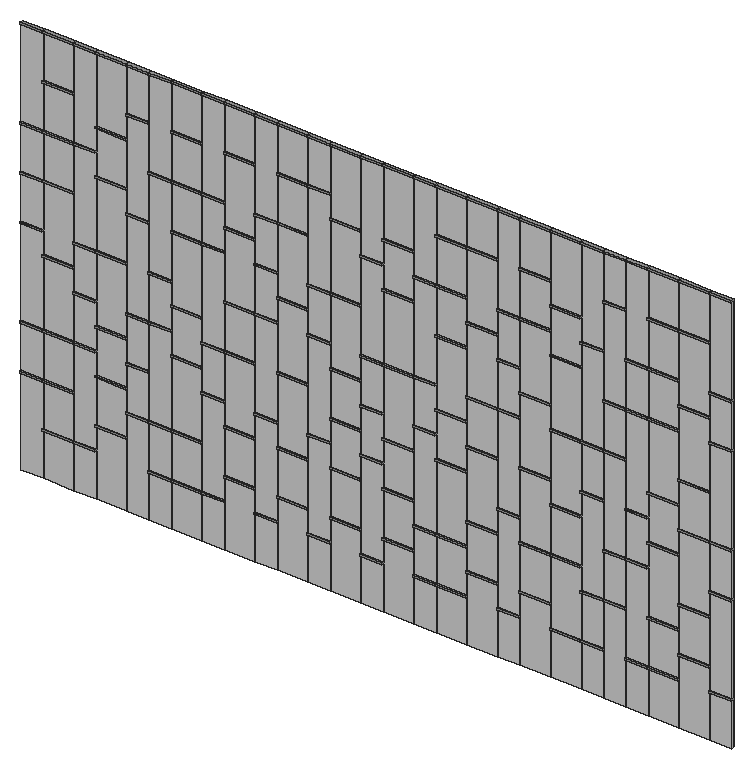
Revit family "SUR-FLD-023_GRUPPO_RFA", category Modelos genéricos, Revit 2022 (continued)
Forms (in)
  Extrusion 461, solid
    from 41.05559 to 41.52812
  Extrusion 462, solid
    sketch origin (105.75104, -0.47244, -5.99982) x (1, 0, 0) y (0, 1, 0)
      loop
        line (6, 0) -> (6, -0.11811) -> (14.25008, -0.11811) -> (14.25008, 0) -> (6, 0)
    from 30.00019 to 47.5277
  Extrusion 463, solid
    sketch origin (105.75104, -0.23622, -11.9998) x (1, 0, 0) y (0, 1, 0)
      loop
        line (6, 0) -> (6, -0.23622) -> (14.25008, -0.23622) -> (14.25008, 0) -> (6, 0)
    from 36.00017 to 53.52769
  Extrusion 464, solid
    sketch origin (105.75104, 0, -11.9998) x (1, 0, 0) y (0, 1, 0)
      loop
        line (6, 0) -> (6, -0.23622) -> (14.25008, -0.23622) -> (14.25008, 0) -> (6, 0)
    from 36.00017 to 53.52769
  Extrusion 465, solid
    sketch origin (105.75104, -0.23622, 30.47199) x (1, 0, 0) y (0, 1, 0)
      loop
        line (6, 0.23622) -> (6, -0.76378) -> (14.25008, -0.76378) -> (14.25008, 0.23622) -> (6, 0.23622)
    from 41.05559 to 41.52812
  Extrusion 466, solid
    sketch origin (105.75104, -0.47244, 23.99988) x (1, 0, 0) y (0, 1, 0)
      loop
        line (6, 0) -> (6, -0.11811) -> (14.25008, -0.11811) -> (14.25008, 0) -> (6, 0)
    from 30.00019 to 47.5277
  Extrusion 467, solid
    sketch origin (105.75104, -0.23622, 17.9999) x (1, 0, 0) y (0, 1, 0)
      loop
        line (6, 0) -> (6, -0.23622) -> (14.25008, -0.23622) -> (14.25008, 0) -> (6, 0)
    from 36.00017 to 53.52769
  Extrusion 468, solid
    sketch origin (105.75104, 0, 17.9999) x (1, 0, 0) y (0, 1, 0)
      loop
        line (6, 0) -> (6, -0.23622) -> (14.25008, -0.23622) -> (14.25008, 0) -> (6, 0)
    from 36.00017 to 53.52769
  Extrusion 469, solid
    sketch origin (114.00111, -0.23622, -23.52814) x (1, 0, 0) y (0, 1, 0)
      loop
        line (6, 0.23622) -> (6, -0.76378) -> (14.25008, -0.76378) -> (14.25008, 0.23622) -> (6, 0.23622)
    from 41.05559 to 41.52812
  Extrusion 470, solid
    sketch origin (114.00111, -0.47244, -30.00025) x (1, 0, 0) y (0, 1, 0)
      loop
        line (6, 0) -> (6, -0.11811) -> (14.25008, -0.11811) -> (14.25008, 0) -> (6, 0)
    from 30.00019 to 47.5277
  Extrusion 471, solid
    sketch origin (114.00111, -0.23622, -36.00023) x (1, 0, 0) y (0, 1, 0)
      loop
        line (6, 0) -> (6, -0.23622) -> (14.25008, -0.23622) -> (14.25008, 0) -> (6, 0)
    from 36.00017 to 53.52769
  Extrusion 472, solid
    sketch origin (114.00111, 0, -36.00023) x (1, 0, 0) y (0, 1, 0)
      loop
        line (6, 0) -> (6, -0.23622) -> (14.25008, -0.23622) -> (14.25008, 0) -> (6, 0)
    from 36.00017 to 53.52769
  Extrusion 473, solid
    sketch origin (114.00111, -0.23622, 6.47156) x (1, 0, 0) y (0, 1, 0)
      loop
        line (6, 0.23622) -> (6, -0.76378) -> (14.25008, -0.76378) -> (14.25008, 0.23622) -> (6, 0.23622)
    from 41.05559 to 41.52812
  Extrusion 474, solid
    sketch origin (114.00111, -0.47244, -0.00055) x (1, 0, 0) y (0, 1, 0)
      loop
        line (6, 0) -> (6, -0.11811) -> (14.25008, -0.11811) -> (14.25008, 0) -> (6, 0)
    from 30.00019 to 47.5277
  Extrusion 475, solid
    sketch origin (114.00111, -0.23622, -6.00053) x (1, 0, 0) y (0, 1, 0)
      loop
        line (6, 0) -> (6, -0.23622) -> (14.25008, -0.23622) -> (14.25008, 0) -> (6, 0)
    from 36.00017 to 53.52769
  Extrusion 476, solid
    sketch origin (114.00111, 0, -6.00053) x (1, 0, 0) y (0, 1, 0)
      loop
        line (6, 0) -> (6, -0.23622) -> (14.25008, -0.23622) -> (14.25008, 0) -> (6, 0)
    from 36.00017 to 53.52769
  Extrusion 477, solid
    sketch origin (114.00111, -0.23622, 36.47126) x (1, 0, 0) y (0, 1, 0)
      loop
        line (6, 0.23622) -> (6, -0.76378) -> (14.25008, -0.76378) -> (14.25008, 0.23622) -> (6, 0.23622)
    from 41.05559 to 41.52812
  Extrusion 478, solid
    sketch origin (114.00111, -0.47244, 29.99915) x (1, 0, 0) y (0, 1, 0)
      loop
        line (6, 0) -> (6, -0.11811) -> (14.25008, -0.11811) -> (14.25008, 0) -> (6, 0)
    from 30.00019 to 47.5277
  Extrusion 479, solid
    sketch origin (114.00111, -0.23622, 23.99916) x (1, 0, 0) y (0, 1, 0)
      loop
        line (6, 0) -> (6, -0.23622) -> (14.25008, -0.23622) -> (14.25008, 0) -> (6, 0)
    from 36.00017 to 53.52769
  Extrusion 480, solid
    sketch origin (114.00111, 0, 23.99916) x (1, 0, 0) y (0, 1, 0)
      loop
        line (6, 0) -> (6, -0.23622) -> (14.25008, -0.23622) -> (14.25008, 0) -> (6, 0)
    from 36.00017 to 53.52769
  Extrusion 481, solid
    sketch origin (114.00111, -0.23622, 54.4713) x (1, 0, 0) y (0, 1, 0)
      loop
        line (6, 0.23622) -> (6, -0.76378) -> (14.25008, -0.76378) -> (14.25008, 0.23622) -> (6, 0.23622)
    from 41.05559 to 41.52812
  Extrusion 482, solid
    sketch origin (114.00111, -0.47244, 47.99919) x (1, 0, 0) y (0, 1, 0)
      loop
        line (6, 0) -> (6, -0.11811) -> (14.25008, -0.11811) -> (14.25008, 0) -> (6, 0)
    from 30.00019 to 47.5277
  Extrusion 483, solid
    sketch origin (114.00111, -0.23622, 41.99921) x (1, 0, 0) y (0, 1, 0)
      loop
        line (6, 0) -> (6, -0.23622) -> (14.25008, -0.23622) -> (14.25008, 0) -> (6, 0)
    from 36.00017 to 53.52769
  Extrusion 484, solid
    sketch origin (114.00111, 0, 41.99921) x (1, 0, 0) y (0, 1, 0)
      loop
        line (6, 0) -> (6, -0.23622) -> (14.25008, -0.23622) -> (14.25008, 0) -> (6, 0)
    from 36.00017 to 53.52769
  Extrusion 485, solid
    sketch origin (114.00111, -0.47244, 29.99926) x (1, 0, 0) y (0, 1, 0)
      loop
        line (6, 0) -> (6, -0.11811) -> (14.25008, -0.11811) -> (14.25008, 0) -> (6, 0)
    from 18.00042 to 29.52798
  Extrusion 486, solid
    sketch origin (114.00111, -0.23622, 23.99928) x (1, 0, 0) y (0, 1, 0)
      loop
        line (6, 0) -> (6, -0.23622) -> (14.25008, -0.23622) -> (14.25008, 0) -> (6, 0)
    from 24.0004 to 35.52797
  Extrusion 487, solid
    sketch origin (114.00111, 0, 23.99928) x (1, 0, 0) y (0, 1, 0)
      loop
        line (6, 0) -> (6, -0.23622) -> (14.25008, -0.23622) -> (14.25008, 0) -> (6, 0)
    from 24.0004 to 35.52797
  Extrusion 488, solid
    sketch origin (114.00111, -0.23622, 36.47138) x (1, 0, 0) y (0, 1, 0)
      loop
        line (6, 0.23622) -> (6, -0.76378) -> (14.25008, -0.76378) -> (14.25008, 0.23622) -> (6, 0.23622)
    from 23.05588 to 23.52796
  Extrusion 489, solid
    sketch origin (114.00111, -0.47244, -0.00043) x (1, 0, 0) y (0, 1, 0)
      loop
        line (6, 0) -> (6, -0.11811) -> (14.25008, -0.11811) -> (14.25008, 0) -> (6, 0)
    from 18.00042 to 29.52798
  Extrusion 490, solid
    sketch origin (114.00111, -0.23622, -6.00041) x (1, 0, 0) y (0, 1, 0)
      loop
        line (6, 0) -> (6, -0.23622) -> (14.25008, -0.23622) -> (14.25008, 0) -> (6, 0)
    from 24.0004 to 35.52797
  Extrusion 491, solid
    sketch origin (114.00111, 0, -6.00041) x (1, 0, 0) y (0, 1, 0)
      loop
        line (6, 0) -> (6, -0.23622) -> (14.25008, -0.23622) -> (14.25008, 0) -> (6, 0)
    from 24.0004 to 35.52797
  Extrusion 492, solid
    sketch origin (114.00111, -0.23622, 6.47168) x (1, 0, 0) y (0, 1, 0)
      loop
        line (6, 0.23622) -> (6, -0.76378) -> (14.25008, -0.76378) -> (14.25008, 0.23622) -> (6, 0.23622)
    from 23.05588 to 23.52796
  Extrusion 493, solid
    sketch origin (114.00111, -0.47244, 77.99901) x (1, 0, 0) y (0, 1, 0)
      loop
        line (6, 0) -> (6, -0.11811) -> (14.25008, -0.11811) -> (14.25008, 0) -> (6, 0)
    from 18.00042 to 29.52798
  Extrusion 494, solid
    sketch origin (114.00111, -0.23622, 71.99903) x (1, 0, 0) y (0, 1, 0)
      loop
        line (6, 0) -> (6, -0.23622) -> (14.25008, -0.23622) -> (14.25008, 0) -> (6, 0)
    from 24.0004 to 35.52797
  Extrusion 495, solid
    sketch origin (114.00111, 0, 71.99903) x (1, 0, 0) y (0, 1, 0)
      loop
        line (6, 0) -> (6, -0.23622) -> (14.25008, -0.23622) -> (14.25008, 0) -> (6, 0)
    from 24.0004 to 35.52797
  Extrusion 496, solid
    sketch origin (114.00111, -0.23622, 84.47112) x (1, 0, 0) y (0, 1, 0)
      loop
        line (6, 0.23622) -> (6, -0.76378) -> (14.25008, -0.76378) -> (14.25008, 0.23622) -> (6, 0.23622)
    from 23.05588 to 23.52796
  Extrusion 497, solid
    sketch origin (128.25119, 0, -24.0004) x (1, 0, 0) y (0, 1, 0)
      loop
        line (0, 0) -> (0, -0.23622) -> (6.00006, -0.23622) -> (6.00006, 0) -> (0, 0)
    from 24.0004 to 35.52797
  Extrusion 498, solid
    sketch origin (128.25119, -0.23622, -24.0004) x (1, 0, 0) y (0, 1, 0)
      loop
        line (0, 0) -> (0, -0.23622) -> (6.00006, -0.23622) -> (6.00006, 0) -> (0, 0)
    from 24.0004 to 35.52797
  Extrusion 499, solid
    sketch origin (128.25119, -0.23622, -11.5283) x (1, 0, 0) y (0, 1, 0)
      loop
        line (0, 0.23622) -> (0, -0.76378) -> (6.00006, -0.76378) -> (6.00006, 0.23622) -> (0, 0.23622)
    from 23.05588 to 23.52796
  Extrusion 500, solid
    sketch origin (128.25119, -0.47244, -18.00042) x (1, 0, 0) y (0, 1, 0)
      loop
        line (0, 0) -> (0, -0.11811) -> (6.00006, -0.11811) -> (6.00006, 0) -> (0, 0)
    from 18.00042 to 29.52798
  Extrusion 501, solid
    sketch origin (128.25119, 0, 11.99965) x (1, 0, 0) y (0, 1, 0)
      loop
        line (0, 0) -> (0, -0.23622) -> (6.00006, -0.23622) -> (6.00006, 0) -> (0, 0)
    from 0 to 23.52796
  Extrusion 502, solid
    sketch origin (128.25119, -0.23622, 11.99965) x (1, 0, 0) y (0, 1, 0)
      loop
        line (0, 0) -> (0, -0.23622) -> (6.00006, -0.23622) -> (6.00006, 0) -> (0, 0)
    from 0 to 23.52796
  Extrusion 503, solid
    sketch origin (128.25119, -0.47244, 11.99965) x (1, 0, 0) y (0, 1, 0)
      loop
        line (0, 0) -> (0, -0.11811) -> (6.00006, -0.11811) -> (6.00006, 0) -> (0, 0)
    from 0 to 23.52796
  Extrusion 504, solid
    sketch origin (128.25119, -0.23622, 12.47174) x (1, 0, 0) y (0, 1, 0)
      loop
        line (0, 0.23622) -> (0, -0.76378) -> (6.00006, -0.76378) -> (6.00006, 0.23622) -> (0, 0.23622)
    from 23.05588 to 23.52796
  Extrusion 505, solid
    sketch origin (128.25119, 0, 35.99969) x (1, 0, 0) y (0, 1, 0)
      loop
        line (0, 0) -> (0, -0.23622) -> (6.00006, -0.23622) -> (6.00006, 0) -> (0, 0)
    from 0 to 23.52796
  Extrusion 506, solid
    sketch origin (128.25119, -0.23622, 35.99969) x (1, 0, 0) y (0, 1, 0)
      loop
        line (0, 0) -> (0, -0.23622) -> (6.00006, -0.23622) -> (6.00006, 0) -> (0, 0)
    from 0 to 23.52796
  Extrusion 507, solid
    sketch origin (128.25119, -0.47244, 35.99969) x (1, 0, 0) y (0, 1, 0)
      loop
        line (0, 0) -> (0, -0.11811) -> (6.00006, -0.11811) -> (6.00006, 0) -> (0, 0)
    from 0 to 23.52796
  Extrusion 508, solid
    sketch origin (128.25119, -0.23622, 36.47177) x (1, 0, 0) y (0, 1, 0)
      loop
        line (0, 0.23622) -> (0, -0.76378) -> (6.00006, -0.76378) -> (6.00006, 0.23622) -> (0, 0.23622)
    from 23.05588 to 23.52796
  Extrusion 509, solid
    sketch origin (128.25119, 0, 83.99904) x (1, 0, 0) y (0, 1, 0)
      loop
        line (0, 0) -> (0, -0.23622) -> (6.00006, -0.23622) -> (6.00006, 0) -> (0, 0)
    from 0 to 23.52796
  Extrusion 510, solid
    sketch origin (128.25119, -0.23622, 83.99904) x (1, 0, 0) y (0, 1, 0)
      loop
        line (0, 0) -> (0, -0.23622) -> (6.00006, -0.23622) -> (6.00006, 0) -> (0, 0)
    from 0 to 23.52796
  Extrusion 511, solid
    sketch origin (128.25119, -0.47244, 83.99904) x (1, 0, 0) y (0, 1, 0)
      loop
        line (0, 0) -> (0, -0.11811) -> (6.00006, -0.11811) -> (6.00006, 0) -> (0, 0)
    from 0 to 23.52796
  Extrusion 512, solid
    sketch origin (128.25119, -0.23622, 84.47112) x (1, 0, 0) y (0, 1, 0)
      loop
        line (0, 0.23622) -> (0, -0.76378) -> (6.00006, -0.76378) -> (6.00006, 0.23622) -> (0, 0.23622)
    from 23.05588 to 23.52796
  Extrusion 513, solid
    sketch origin (128.25119, 0, 35.99933) x (1, 0, 0) y (0, 1, 0)
      loop
        line (0, 0) -> (0, -0.23622) -> (6.00006, -0.23622) -> (6.00006, 0) -> (0, 0)
    from 24.0004 to 35.52797
  Extrusion 514, solid
    sketch origin (128.25119, -0.23622, 35.99933) x (1, 0, 0) y (0, 1, 0)
      loop
        line (0, 0) -> (0, -0.23622) -> (6.00006, -0.23622) -> (6.00006, 0) -> (0, 0)
    from 24.0004 to 35.52797
  Extrusion 515, solid
    sketch origin (128.25119, -0.23622, 48.47143) x (1, 0, 0) y (0, 1, 0)
      loop
        line (0, 0.23622) -> (0, -0.76378) -> (6.00006, -0.76378) -> (6.00006, 0.23622) -> (0, 0.23622)
    from 23.05588 to 23.52796
  Extrusion 516, solid
    sketch origin (128.25119, -0.47244, 41.99931) x (1, 0, 0) y (0, 1, 0)
      loop
        line (0, 0) -> (0, -0.11811) -> (6.00006, -0.11811) -> (6.00006, 0) -> (0, 0)
    from 18.00042 to 29.52798
  Extrusion 517, solid
    sketch origin (128.25119, 0, 47.99899) x (1, 0, 0) y (0, 1, 0)
      loop
        line (0, 0) -> (0, -0.23622) -> (6.00006, -0.23622) -> (6.00006, 0) -> (0, 0)
    from 24.0004 to 35.52797
  Extrusion 518, solid
    sketch origin (128.25119, -0.23622, 47.99899) x (1, 0, 0) y (0, 1, 0)
      loop
        line (0, 0) -> (0, -0.23622) -> (6.00006, -0.23622) -> (6.00006, 0) -> (0, 0)
    from 24.0004 to 35.52797
  Extrusion 519, solid
    sketch origin (128.25119, -0.23622, 60.47108) x (1, 0, 0) y (0, 1, 0)
      loop
        line (0, 0.23622) -> (0, -0.76378) -> (6.00006, -0.76378) -> (6.00006, 0.23622) -> (0, 0.23622)
    from 23.05588 to 23.52796
  Extrusion 520, solid
    sketch origin (128.25119, -0.47244, 53.99897) x (1, 0, 0) y (0, 1, 0)
      loop
        line (0, 0) -> (0, -0.11811) -> (6.00006, -0.11811) -> (6.00006, 0) -> (0, 0)
    from 18.00042 to 29.52798
  Extrusion 521, solid
    sketch origin (128.25125, -0.47244, -0.00043) x (1, 0, 0) y (0, 1, 0)
      loop
        line (6, 0) -> (6, -0.11811) -> (14.25008, -0.11811) -> (14.25008, 0) -> (6, 0)
    from 18.00042 to 29.52798
  Extrusion 522, solid
    sketch origin (128.25125, -0.23622, -6.00041) x (1, 0, 0) y (0, 1, 0)
      loop
        line (6, 0) -> (6, -0.23622) -> (14.25008, -0.23622) -> (14.25008, 0) -> (6, 0)
    from 24.0004 to 35.52797
  Extrusion 523, solid
    sketch origin (128.25125, 0, -6.00041) x (1, 0, 0) y (0, 1, 0)
      loop
        line (6, 0) -> (6, -0.23622) -> (14.25008, -0.23622) -> (14.25008, 0) -> (6, 0)
    from 24.0004 to 35.52797
  Extrusion 524, solid
    sketch origin (128.25125, -0.23622, 6.47168) x (1, 0, 0) y (0, 1, 0)
      loop
        line (6, 0.23622) -> (6, -0.76378) -> (14.25008, -0.76378) -> (14.25008, 0.23622) -> (6, 0.23622)
    from 23.05588 to 23.52796
  Extrusion 525, solid
    sketch origin (128.25125, -0.47244, 77.99901) x (1, 0, 0) y (0, 1, 0)
      loop
        line (6, 0) -> (6, -0.11811) -> (14.25008, -0.11811) -> (14.25008, 0) -> (6, 0)
    from 18.00042 to 29.52798
  Extrusion 526, solid
    sketch origin (128.25125, -0.23622, 71.99903) x (1, 0, 0) y (0, 1, 0)
      loop
        line (6, 0) -> (6, -0.23622) -> (14.25008, -0.23622) -> (14.25008, 0) -> (6, 0)
    from 24.0004 to 35.52797
  Extrusion 527, solid
    sketch origin (128.25125, 0, 71.99903) x (1, 0, 0) y (0, 1, 0)
      loop
        line (6, 0) -> (6, -0.23622) -> (14.25008, -0.23622) -> (14.25008, 0) -> (6, 0)
    from 24.0004 to 35.52797
  Extrusion 528, solid
    sketch origin (128.25125, -0.23622, 84.47112) x (1, 0, 0) y (0, 1, 0)
      loop
        line (6, 0.23622) -> (6, -0.76378) -> (14.25008, -0.76378) -> (14.25008, 0.23622) -> (6, 0.23622)
    from 23.05588 to 23.52796
  Extrusion 529, solid
    sketch origin (128.25125, -0.47244, 65.99935) x (1, 0, 0) y (0, 1, 0)
      loop
        line (6, 0) -> (6, -0.11811) -> (14.25008, -0.11811) -> (14.25008, 0) -> (6, 0)
    from 18.00042 to 29.52798
  Extrusion 530, solid
    sketch origin (128.25125, -0.23622, 59.99937) x (1, 0, 0) y (0, 1, 0)
      loop
        line (6, 0) -> (6, -0.23622) -> (14.25008, -0.23622) -> (14.25008, 0) -> (6, 0)
    from 24.0004 to 35.52797
  Extrusion 531, solid
    sketch origin (128.25125, 0, 59.99937) x (1, 0, 0) y (0, 1, 0)
      loop
        line (6, 0) -> (6, -0.23622) -> (14.25008, -0.23622) -> (14.25008, 0) -> (6, 0)
    from 24.0004 to 35.52797
  Extrusion 532, solid
    sketch origin (128.25125, -0.23622, 72.47147) x (1, 0, 0) y (0, 1, 0)
      loop
        line (6, 0.23622) -> (6, -0.76378) -> (14.25008, -0.76378) -> (14.25008, 0.23622) -> (6, 0.23622)
    from 23.05588 to 23.52796
  Extrusion 533, solid
    sketch origin (128.25125, -0.23622, 42.47165) x (1, 0, 0) y (0, 1, 0)
      loop
        line (6, 0.23622) -> (6, -0.76378) -> (14.25008, -0.76378) -> (14.25008, 0.23622) -> (6, 0.23622)
    from 41.05559 to 41.52812
  Extrusion 534, solid
    sketch origin (128.25125, -0.47244, 35.99953) x (1, 0, 0) y (0, 1, 0)
      loop
        line (6, 0) -> (6, -0.11811) -> (14.25008, -0.11811) -> (14.25008, 0) -> (6, 0)
    from 30.00019 to 47.5277
  Extrusion 535, solid
    sketch origin (128.25125, -0.23622, 29.99955) x (1, 0, 0) y (0, 1, 0)
      loop
        line (6, 0) -> (6, -0.23622) -> (14.25008, -0.23622) -> (14.25008, 0) -> (6, 0)
    from 36.00017 to 53.52769
  Extrusion 536, solid
    sketch origin (128.25125, 0, 29.99955) x (1, 0, 0) y (0, 1, 0)
      loop
        line (6, 0) -> (6, -0.23622) -> (14.25008, -0.23622) -> (14.25008, 0) -> (6, 0)
    from 36.00017 to 53.52769
  Extrusion 537, solid
    sketch origin (128.25125, -0.23622, 24.47161) x (1, 0, 0) y (0, 1, 0)
      loop
        line (6, 0.23622) -> (6, -0.76378) -> (14.25008, -0.76378) -> (14.25008, 0.23622) -> (6, 0.23622)
    from 41.05559 to 41.52812
  Extrusion 538, solid
    sketch origin (128.25125, -0.47244, 17.99949) x (1, 0, 0) y (0, 1, 0)
      loop
        line (6, 0) -> (6, -0.11811) -> (14.25008, -0.11811) -> (14.25008, 0) -> (6, 0)
    from 30.00019 to 47.5277
  Extrusion 539, solid
    sketch origin (128.25125, -0.23622, 11.99951) x (1, 0, 0) y (0, 1, 0)
      loop
        line (6, 0) -> (6, -0.23622) -> (14.25008, -0.23622) -> (14.25008, 0) -> (6, 0)
    from 36.00017 to 53.52769
  Extrusion 540, solid
    sketch origin (128.25125, 0, 11.99951) x (1, 0, 0) y (0, 1, 0)
      loop
        line (6, 0) -> (6, -0.23622) -> (14.25008, -0.23622) -> (14.25008, 0) -> (6, 0)
    from 36.00017 to 53.52769
  Extrusion 541, solid
    sketch origin (128.25125, -0.23622, 6.47156) x (1, 0, 0) y (0, 1, 0)
      loop
        line (6, 0.23622) -> (6, -0.76378) -> (14.25008, -0.76378) -> (14.25008, 0.23622) -> (6, 0.23622)
    from 41.05559 to 41.52812
  Extrusion 542, solid
    sketch origin (128.25125, -0.47244, -0.00055) x (1, 0, 0) y (0, 1, 0)
      loop
        line (6, 0) -> (6, -0.11811) -> (14.25008, -0.11811) -> (14.25008, 0) -> (6, 0)
    from 30.00019 to 47.5277
  Extrusion 543, solid
    sketch origin (128.25125, -0.23622, -6.00053) x (1, 0, 0) y (0, 1, 0)
      loop
        line (6, 0) -> (6, -0.23622) -> (14.25008, -0.23622) -> (14.25008, 0) -> (6, 0)
    from 36.00017 to 53.52769
  Extrusion 544, solid
    sketch origin (128.25125, 0, -6.00053) x (1, 0, 0) y (0, 1, 0)
      loop
        line (6, 0) -> (6, -0.23622) -> (14.25008, -0.23622) -> (14.25008, 0) -> (6, 0)
    from 36.00017 to 53.52769
  Extrusion 545, solid
    sketch origin (128.25125, -0.23622, -23.52814) x (1, 0, 0) y (0, 1, 0)
      loop
        line (6, 0.23622) -> (6, -0.76378) -> (14.25008, -0.76378) -> (14.25008, 0.23622) -> (6, 0.23622)
    from 41.05559 to 41.52812
  Extrusion 546, solid
    sketch origin (128.25125, -0.47244, -30.00025) x (1, 0, 0) y (0, 1, 0)
      loop
        line (6, 0) -> (6, -0.11811) -> (14.25008, -0.11811) -> (14.25008, 0) -> (6, 0)
    from 30.00019 to 47.5277
  Extrusion 547, solid
    sketch origin (128.25125, -0.23622, -36.00023) x (1, 0, 0) y (0, 1, 0)
      loop
        line (6, 0) -> (6, -0.23622) -> (14.25008, -0.23622) -> (14.25008, 0) -> (6, 0)
    from 36.00017 to 53.52769
  Extrusion 548, solid
    sketch origin (128.25125, 0, -36.00023) x (1, 0, 0) y (0, 1, 0)
      loop
        line (6, 0) -> (6, -0.23622) -> (14.25008, -0.23622) -> (14.25008, 0) -> (6, 0)
    from 36.00017 to 53.52769
  Extrusion 549, solid
    sketch origin (136.50132, -0.23622, 66.47096) x (1, 0, 0) y (0, 1, 0)
      loop
        line (6, 0.23622) -> (6, -0.76378) -> (14.25008, -0.76378) -> (14.25008, 0.23622) -> (6, 0.23622)
    from 41.05559 to 41.52812
  Extrusion 550, solid
    sketch origin (136.50132, -0.47244, 59.99884) x (1, 0, 0) y (0, 1, 0)
      loop
        line (6, 0) -> (6, -0.11811) -> (14.25008, -0.11811) -> (14.25008, 0) -> (6, 0)
    from 30.00019 to 47.5277
  Extrusion 551, solid
    sketch origin (136.50132, -0.23622, 53.99886) x (1, 0, 0) y (0, 1, 0)
      loop
        line (6, 0) -> (6, -0.23622) -> (14.25008, -0.23622) -> (14.25008, 0) -> (6, 0)
    from 36.00017 to 53.52769
  Extrusion 552, solid
    sketch origin (136.50132, 0, 53.99886) x (1, 0, 0) y (0, 1, 0)
      loop
        line (6, 0) -> (6, -0.23622) -> (14.25008, -0.23622) -> (14.25008, 0) -> (6, 0)
    from 36.00017 to 53.52769
  Extrusion 553, solid
    sketch origin (136.50132, -0.23622, 36.47126) x (1, 0, 0) y (0, 1, 0)
      loop
        line (6, 0.23622) -> (6, -0.76378) -> (14.25008, -0.76378) -> (14.25008, 0.23622) -> (6, 0.23622)
    from 41.05559 to 41.52812
  Extrusion 554, solid
    sketch origin (136.50132, -0.47244, 29.99915) x (1, 0, 0) y (0, 1, 0)
      loop
        line (6, 0) -> (6, -0.11811) -> (14.25008, -0.11811) -> (14.25008, 0) -> (6, 0)
    from 30.00019 to 47.5277
  Extrusion 555, solid
    sketch origin (136.50132, -0.23622, 23.99916) x (1, 0, 0) y (0, 1, 0)
      loop
        line (6, 0) -> (6, -0.23622) -> (14.25008, -0.23622) -> (14.25008, 0) -> (6, 0)
    from 36.00017 to 53.52769
  Extrusion 556, solid
    sketch origin (136.50132, 0, 23.99916) x (1, 0, 0) y (0, 1, 0)
      loop
        line (6, 0) -> (6, -0.23622) -> (14.25008, -0.23622) -> (14.25008, 0) -> (6, 0)
    from 36.00017 to 53.52769
  Extrusion 557, solid
    sketch origin (136.50132, -0.23622, 18.47122) x (1, 0, 0) y (0, 1, 0)
      loop
        line (6, 0.23622) -> (6, -0.76378) -> (14.25008, -0.76378) -> (14.25008, 0.23622) -> (6, 0.23622)
    from 41.05559 to 41.52812
  Extrusion 558, solid
    sketch origin (136.50132, -0.47244, 11.9991) x (1, 0, 0) y (0, 1, 0)
      loop
        line (6, 0) -> (6, -0.11811) -> (14.25008, -0.11811) -> (14.25008, 0) -> (6, 0)
    from 30.00019 to 47.5277
  Extrusion 559, solid
    sketch origin (136.50132, -0.23622, 5.99912) x (1, 0, 0) y (0, 1, 0)
      loop
        line (6, 0) -> (6, -0.23622) -> (14.25008, -0.23622) -> (14.25008, 0) -> (6, 0)
    from 36.00017 to 53.52769
  Extrusion 560, solid
    sketch origin (136.50132, 0, 5.99912) x (1, 0, 0) y (0, 1, 0)
      loop
        line (6, 0) -> (6, -0.23622) -> (14.25008, -0.23622) -> (14.25008, 0) -> (6, 0)
    from 36.00017 to 53.52769
  Extrusion 561, solid
    sketch origin (136.50132, -0.23622, -11.52848) x (1, 0, 0) y (0, 1, 0)
      loop
        line (6, 0.23622) -> (6, -0.76378) -> (14.25008, -0.76378) -> (14.25008, 0.23622) -> (6, 0.23622)
    from 41.05559 to 41.52812
  Extrusion 562, solid
    sketch origin (136.50132, -0.47244, -18.0006) x (1, 0, 0) y (0, 1, 0)
      loop
        line (6, 0) -> (6, -0.11811) -> (14.25008, -0.11811) -> (14.25008, 0) -> (6, 0)
    from 30.00019 to 47.5277
  Extrusion 563, solid
    sketch origin (136.50132, -0.23622, -24.00058) x (1, 0, 0) y (0, 1, 0)
      loop
        line (6, 0) -> (6, -0.23622) -> (14.25008, -0.23622) -> (14.25008, 0) -> (6, 0)
    from 36.00017 to 53.52769
  Extrusion 564, solid
    sketch origin (136.50132, 0, -24.00058) x (1, 0, 0) y (0, 1, 0)
      loop
        line (6, 0) -> (6, -0.23622) -> (14.25008, -0.23622) -> (14.25008, 0) -> (6, 0)
    from 36.00017 to 53.52769
  Extrusion 565, solid
    sketch origin (136.50132, -0.47244, 11.99922) x (1, 0, 0) y (0, 1, 0)
      loop
        line (6, 0) -> (6, -0.11811) -> (14.25008, -0.11811) -> (14.25008, 0) -> (6, 0)
    from 18.00042 to 29.52798
  Extrusion 566, solid
    sketch origin (136.50132, -0.23622, 5.99924) x (1, 0, 0) y (0, 1, 0)
      loop
        line (6, 0) -> (6, -0.23622) -> (14.25008, -0.23622) -> (14.25008, 0) -> (6, 0)
    from 24.0004 to 35.52797
  Extrusion 567, solid
    sketch origin (136.50132, 0, 5.99924) x (1, 0, 0) y (0, 1, 0)
      loop
        line (6, 0) -> (6, -0.23622) -> (14.25008, -0.23622) -> (14.25008, 0) -> (6, 0)
    from 24.0004 to 35.52797
  Extrusion 568, solid
    sketch origin (136.50132, -0.23622, 18.47134) x (1, 0, 0) y (0, 1, 0)
      loop
        line (6, 0.23622) -> (6, -0.76378) -> (14.25008, -0.76378) -> (14.25008, 0.23622) -> (6, 0.23622)
    from 23.05588 to 23.52796
  Extrusion 569, solid
    sketch origin (136.50132, -0.47244, -18.00048) x (1, 0, 0) y (0, 1, 0)
      loop
        line (6, 0) -> (6, -0.11811) -> (14.25008, -0.11811) -> (14.25008, 0) -> (6, 0)
    from 18.00042 to 29.52798
  Extrusion 570, solid
    sketch origin (136.50132, -0.23622, -24.00046) x (1, 0, 0) y (0, 1, 0)
      loop
        line (6, 0) -> (6, -0.23622) -> (14.25008, -0.23622) -> (14.25008, 0) -> (6, 0)
    from 24.0004 to 35.52797
  Extrusion 571, solid
    sketch origin (136.50132, 0, -24.00046) x (1, 0, 0) y (0, 1, 0)
      loop
        line (6, 0) -> (6, -0.23622) -> (14.25008, -0.23622) -> (14.25008, 0) -> (6, 0)
    from 24.0004 to 35.52797
  Extrusion 572, solid
    sketch origin (136.50132, -0.23622, -11.52836) x (1, 0, 0) y (0, 1, 0)
      loop
        line (6, 0.23622) -> (6, -0.76378) -> (14.25008, -0.76378) -> (14.25008, 0.23622) -> (6, 0.23622)
    from 23.05588 to 23.52796
  Extrusion 573, solid
    sketch origin (136.50132, -0.47244, 59.99896) x (1, 0, 0) y (0, 1, 0)
      loop
        line (6, 0) -> (6, -0.11811) -> (14.25008, -0.11811) -> (14.25008, 0) -> (6, 0)
    from 18.00042 to 29.52798
  Extrusion 574, solid
    sketch origin (136.50132, -0.23622, 53.99898) x (1, 0, 0) y (0, 1, 0)
      loop
        line (6, 0) -> (6, -0.23622) -> (14.25008, -0.23622) -> (14.25008, 0) -> (6, 0)
    from 24.0004 to 35.52797
  Extrusion 575, solid
    sketch origin (136.50132, 0, 53.99898) x (1, 0, 0) y (0, 1, 0)
      loop
        line (6, 0) -> (6, -0.23622) -> (14.25008, -0.23622) -> (14.25008, 0) -> (6, 0)
    from 24.0004 to 35.52797
  Extrusion 576, solid
    sketch origin (136.50132, -0.23622, 66.47108) x (1, 0, 0) y (0, 1, 0)
      loop
        line (6, 0.23622) -> (6, -0.76378) -> (14.25008, -0.76378) -> (14.25008, 0.23622) -> (6, 0.23622)
    from 23.05588 to 23.52796
  Extrusion 577, solid
    sketch origin (150.7514, 0, -24.0004) x (1, 0, 0) y (0, 1, 0)
      loop
        line (0, 0) -> (0, -0.23622) -> (6.00006, -0.23622) -> (6.00006, 0) -> (0, 0)
    from 24.0004 to 35.52797
  Extrusion 578, solid
    sketch origin (150.7514, -0.23622, -24.0004) x (1, 0, 0) y (0, 1, 0)
      loop
        line (0, 0) -> (0, -0.23622) -> (6.00006, -0.23622) -> (6.00006, 0) -> (0, 0)
    from 24.0004 to 35.52797
  Extrusion 579, solid
    sketch origin (150.7514, -0.23622, -11.5283) x (1, 0, 0) y (0, 1, 0)
      loop
        line (0, 0.23622) -> (0, -0.76378) -> (6.00006, -0.76378) -> (6.00006, 0.23622) -> (0, 0.23622)
    from 23.05588 to 23.52796
  Extrusion 580, solid
    sketch origin (150.7514, -0.47244, -18.00042) x (1, 0, 0) y (0, 1, 0)
      loop
        line (0, 0) -> (0, -0.11811) -> (6.00006, -0.11811) -> (6.00006, 0) -> (0, 0)
    from 18.00042 to 29.52798
  Extrusion 581, solid
    sketch origin (150.7514, 0, -12.00074) x (1, 0, 0) y (0, 1, 0)
      loop
        line (0, 0) -> (0, -0.23622) -> (6.00006, -0.23622) -> (6.00006, 0) -> (0, 0)
    from 24.0004 to 35.52797
  Extrusion 582, solid
    sketch origin (150.7514, -0.23622, -12.00074) x (1, 0, 0) y (0, 1, 0)
      loop
        line (0, 0) -> (0, -0.23622) -> (6.00006, -0.23622) -> (6.00006, 0) -> (0, 0)
    from 24.0004 to 35.52797
  Extrusion 583, solid
    sketch origin (150.7514, -0.23622, 0.47135) x (1, 0, 0) y (0, 1, 0)
      loop
        line (0, 0.23622) -> (0, -0.76378) -> (6.00006, -0.76378) -> (6.00006, 0.23622) -> (0, 0.23622)
    from 23.05588 to 23.52796
  Extrusion 584, solid
    sketch origin (150.7514, -0.47244, -6.00076) x (1, 0, 0) y (0, 1, 0)
      loop
        line (0, 0) -> (0, -0.11811) -> (6.00006, -0.11811) -> (6.00006, 0) -> (0, 0)
    from 18.00042 to 29.52798
  Extrusion 585, solid
    sketch origin (150.7514, 0, 23.99895) x (1, 0, 0) y (0, 1, 0)
      loop
        line (0, 0) -> (0, -0.23622) -> (6.00006, -0.23622) -> (6.00006, 0) -> (0, 0)
    from 24.0004 to 35.52797
  Extrusion 586, solid
    sketch origin (150.7514, -0.23622, 23.99895) x (1, 0, 0) y (0, 1, 0)
      loop
        line (0, 0) -> (0, -0.23622) -> (6.00006, -0.23622) -> (6.00006, 0) -> (0, 0)
    from 24.0004 to 35.52797
  Extrusion 587, solid
    sketch origin (150.7514, -0.23622, 36.47104) x (1, 0, 0) y (0, 1, 0)
      loop
        line (0, 0.23622) -> (0, -0.76378) -> (6.00006, -0.76378) -> (6.00006, 0.23622) -> (0, 0.23622)
    from 23.05588 to 23.52796
  Extrusion 588, solid
    sketch origin (150.7514, -0.47244, 29.99893) x (1, 0, 0) y (0, 1, 0)
      loop
        line (0, 0) -> (0, -0.11811) -> (6.00006, -0.11811) -> (6.00006, 0) -> (0, 0)
    from 18.00042 to 29.52798
  Extrusion 589, solid
    sketch origin (150.7514, 0, 23.99931) x (1, 0, 0) y (0, 1, 0)
      loop
        line (0, 0) -> (0, -0.23622) -> (6.00006, -0.23622) -> (6.00006, 0) -> (0, 0)
    from 0 to 23.52796
  Extrusion 590, solid
    sketch origin (150.7514, -0.23622, 23.99931) x (1, 0, 0) y (0, 1, 0)
      loop
        line (0, 0) -> (0, -0.23622) -> (6.00006, -0.23622) -> (6.00006, 0) -> (0, 0)
    from 0 to 23.52796
  Extrusion 591, solid
    sketch origin (150.7514, -0.47244, 23.99931) x (1, 0, 0) y (0, 1, 0)
      loop
        line (0, 0) -> (0, -0.11811) -> (6.00006, -0.11811) -> (6.00006, 0) -> (0, 0)
    from 0 to 23.52796
  Extrusion 592, solid
    sketch origin (150.7514, -0.23622, 24.47139) x (1, 0, 0) y (0, 1, 0)
      loop
        line (0, 0.23622) -> (0, -0.76378) -> (6.00006, -0.76378) -> (6.00006, 0.23622) -> (0, 0.23622)
    from 23.05588 to 23.52796
  Extrusion 593, solid
    sketch origin (150.7514, 0, 59.999) x (1, 0, 0) y (0, 1, 0)
      loop
        line (0, 0) -> (0, -0.23622) -> (6.00006, -0.23622) -> (6.00006, 0) -> (0, 0)
    from 0 to 23.52796
  Extrusion 594, solid
    sketch origin (150.7514, -0.23622, 59.999) x (1, 0, 0) y (0, 1, 0)
      loop
        line (0, 0) -> (0, -0.23622) -> (6.00006, -0.23622) -> (6.00006, 0) -> (0, 0)
    from 0 to 23.52796
  Extrusion 595, solid
    sketch origin (150.7514, -0.47244, 59.999) x (1, 0, 0) y (0, 1, 0)
      loop
        line (0, 0) -> (0, -0.11811) -> (6.00006, -0.11811) -> (6.00006, 0) -> (0, 0)
    from 0 to 23.52796
  Extrusion 596, solid
    sketch origin (150.7514, -0.23622, 60.47108) x (1, 0, 0) y (0, 1, 0)
      loop
        line (0, 0.23622) -> (0, -0.76378) -> (6.00006, -0.76378) -> (6.00006, 0.23622) -> (0, 0.23622)
    from 23.05588 to 23.52796
  Extrusion 597, solid
    sketch origin (150.7514, 0, 83.99904) x (1, 0, 0) y (0, 1, 0)
      loop
        line (0, 0) -> (0, -0.23622) -> (6.00006, -0.23622) -> (6.00006, 0) -> (0, 0)
    from 0 to 23.52796
  Extrusion 598, solid
    sketch origin (150.7514, -0.23622, 83.99904) x (1, 0, 0) y (0, 1, 0)
      loop
        line (0, 0) -> (0, -0.23622) -> (6.00006, -0.23622) -> (6.00006, 0) -> (0, 0)
    from 0 to 23.52796
  Extrusion 599, solid
    sketch origin (150.7514, -0.47244, 83.99904) x (1, 0, 0) y (0, 1, 0)
      loop
        line (0, 0) -> (0, -0.11811) -> (6.00006, -0.11811) -> (6.00006, 0) -> (0, 0)
    from 0 to 23.52796
  Extrusion 600, solid
    sketch origin (150.7514, -0.23622, 84.47112) x (1, 0, 0) y (0, 1, 0)
      loop
        line (0, 0.23622) -> (0, -0.76378) -> (6.00006, -0.76378) -> (6.00006, 0.23622) -> (0, 0.23622)
    from 23.05588 to 23.52796
  Extrusion 601, solid
    sketch origin (156.75145, 0, 71.99939) x (1, 0, 0) y (0, 1, 0)
      loop
        line (0, 0) -> (0, -0.23622) -> (6.00006, -0.23622) -> (6.00006, 0) -> (0, 0)
    from 0 to 23.52796
  Extrusion 602, solid
    sketch origin (156.75145, -0.23622, 71.99939) x (1, 0, 0) y (0, 1, 0)
      loop
        line (0, 0) -> (0, -0.23622) -> (6.00006, -0.23622) -> (6.00006, 0) -> (0, 0)
    from 0 to 23.52796
  Extrusion 603, solid
    sketch origin (156.75145, -0.47244, 71.99939) x (1, 0, 0) y (0, 1, 0)
      loop
        line (0, 0) -> (0, -0.11811) -> (6.00006, -0.11811) -> (6.00006, 0) -> (0, 0)
    from 0 to 23.52796
  Extrusion 604, solid
    sketch origin (156.75145, -0.23622, 72.47147) x (1, 0, 0) y (0, 1, 0)
      loop
        line (0, 0.23622) -> (0, -0.76378) -> (6.00006, -0.76378) -> (6.00006, 0.23622) -> (0, 0.23622)
    from 23.05588 to 23.52796
  Extrusion 605, solid
    sketch origin (156.75145, 0, 0) x (1, 0, 0) y (0, 1, 0)
      loop
        line (0, 0) -> (0, -0.23622) -> (6.00006, -0.23622) -> (6.00006, 0) -> (0, 0)
    from 0 to 23.52796
  Extrusion 606, solid
    sketch origin (156.75145, -0.23622, 0) x (1, 0, 0) y (0, 1, 0)
      loop
        line (0, 0) -> (0, -0.23622) -> (6.00006, -0.23622) -> (6.00006, 0) -> (0, 0)
    from 0 to 23.52796
  Extrusion 607, solid
    sketch origin (156.75145, -0.47244, 0) x (1, 0, 0) y (0, 1, 0)
      loop
        line (0, 0) -> (0, -0.11811) -> (6.00006, -0.11811) -> (6.00006, 0) -> (0, 0)
    from 0 to 23.52796
  Extrusion 608, solid
    sketch origin (156.75145, -0.23622, 0.47208) x (1, 0, 0) y (0, 1, 0)
      loop
        line (0, 0.23622) -> (0, -0.76378) -> (6.00006, -0.76378) -> (6.00006, 0.23622) -> (0, 0.23622)
    from 23.05588 to 23.52796
  Extrusion 609, solid
    sketch origin (156.75145, 0, -0.00036) x (1, 0, 0) y (0, 1, 0)
      loop
        line (0, 0) -> (0, -0.23622) -> (6.00006, -0.23622) -> (6.00006, 0) -> (0, 0)
    from 24.0004 to 35.52797
  Extrusion 610, solid
    sketch origin (156.75145, -0.23622, -0.00036) x (1, 0, 0) y (0, 1, 0)
      loop
        line (0, 0) -> (0, -0.23622) -> (6.00006, -0.23622) -> (6.00006, 0) -> (0, 0)
    from 24.0004 to 35.52797
  Extrusion 611, solid
    sketch origin (156.75145, -0.23622, 12.47174) x (1, 0, 0) y (0, 1, 0)
      loop
        line (0, 0.23622) -> (0, -0.76378) -> (6.00006, -0.76378) -> (6.00006, 0.23622) -> (0, 0.23622)
    from 23.05588 to 23.52796
  Extrusion 612, solid
    sketch origin (156.75145, -0.47244, 5.99962) x (1, 0, 0) y (0, 1, 0)
      loop
        line (0, 0) -> (0, -0.11811) -> (6.00006, -0.11811) -> (6.00006, 0) -> (0, 0)
    from 18.00042 to 29.52798
  Extrusion 613, solid
    sketch origin (156.75145, 0, 35.99933) x (1, 0, 0) y (0, 1, 0)
      loop
        line (0, 0) -> (0, -0.23622) -> (6.00006, -0.23622) -> (6.00006, 0) -> (0, 0)
    from 24.0004 to 35.52797
  Extrusion 614, solid
    sketch origin (156.75145, -0.23622, 35.99933) x (1, 0, 0) y (0, 1, 0)
      loop
        line (0, 0) -> (0, -0.23622) -> (6.00006, -0.23622) -> (6.00006, 0) -> (0, 0)
    from 24.0004 to 35.52797
  Extrusion 615, solid
    sketch origin (156.75145, -0.23622, 48.47143) x (1, 0, 0) y (0, 1, 0)
      loop
        line (0, 0.23622) -> (0, -0.76378) -> (6.00006, -0.76378) -> (6.00006, 0.23622) -> (0, 0.23622)
    from 23.05588 to 23.52796
  Extrusion 616, solid
    sketch origin (156.75145, -0.47244, 41.99931) x (1, 0, 0) y (0, 1, 0)
      loop
        line (0, 0) -> (0, -0.11811) -> (6.00006, -0.11811) -> (6.00006, 0) -> (0, 0)
    from 18.00042 to 29.52798
  Extrusion 617, solid
    sketch origin (156.75145, 0, 71.99903) x (1, 0, 0) y (0, 1, 0)
      loop
        line (0, 0) -> (0, -0.23622) -> (6.00006, -0.23622) -> (6.00006, 0) -> (0, 0)
    from 24.0004 to 35.52797
  Extrusion 618, solid
    sketch origin (156.75145, -0.23622, 71.99903) x (1, 0, 0) y (0, 1, 0)
      loop
        line (0, 0) -> (0, -0.23622) -> (6.00006, -0.23622) -> (6.00006, 0) -> (0, 0)
    from 24.0004 to 35.52797
  Extrusion 619, solid
    sketch origin (156.75145, -0.23622, 84.47112) x (1, 0, 0) y (0, 1, 0)
      loop
        line (0, 0.23622) -> (0, -0.76378) -> (6.00006, -0.76378) -> (6.00006, 0.23622) -> (0, 0.23622)
    from 23.05588 to 23.52796
  Extrusion 620, solid
    sketch origin (156.75145, -0.47244, 77.99901) x (1, 0, 0) y (0, 1, 0)
      loop
        line (0, 0) -> (0, -0.11811) -> (6.00006, -0.11811) -> (6.00006, 0) -> (0, 0)
    from 18.00042 to 29.52798
  Extrusion 621, solid
    sketch origin (156.75145, 0, 35.99969) x (1, 0, 0) y (0, 1, 0)
      loop
        line (0, 0) -> (0, -0.23622) -> (6.00006, -0.23622) -> (6.00006, 0) -> (0, 0)
    from 0 to 23.52796
  Extrusion 622, solid
    sketch origin (156.75145, -0.23622, 35.99969) x (1, 0, 0) y (0, 1, 0)
      loop
        line (0, 0) -> (0, -0.23622) -> (6.00006, -0.23622) -> (6.00006, 0) -> (0, 0)
    from 0 to 23.52796
  Extrusion 623, solid
    sketch origin (156.75145, -0.47244, 35.99969) x (1, 0, 0) y (0, 1, 0)
      loop
        line (0, 0) -> (0, -0.11811) -> (6.00006, -0.11811) -> (6.00006, 0) -> (0, 0)
    from 0 to 23.52796
  Extrusion 624, solid
    sketch origin (156.75145, -0.23622, 36.47177) x (1, 0, 0) y (0, 1, 0)
      loop
        line (0, 0.23622) -> (0, -0.76378) -> (6.00006, -0.76378) -> (6.00006, 0.23622) -> (0, 0.23622)
    from 23.05588 to 23.52796
  Extrusion 625, solid
    sketch origin (162.75151, 0, 83.99904) x (1, 0, 0) y (0, 1, 0)
      loop
        line (0, 0) -> (0, -0.23622) -> (6.00006, -0.23622) -> (6.00006, 0) -> (0, 0)
    from 0 to 23.52796
  Extrusion 626, solid
    sketch origin (162.75151, -0.23622, 83.99904) x (1, 0, 0) y (0, 1, 0)
      loop
        line (0, 0) -> (0, -0.23622) -> (6.00006, -0.23622) -> (6.00006, 0) -> (0, 0)
    from 0 to 23.52796
  Extrusion 627, solid
    sketch origin (162.75151, -0.47244, 83.99904) x (1, 0, 0) y (0, 1, 0)
      loop
        line (0, 0) -> (0, -0.11811) -> (6.00006, -0.11811) -> (6.00006, 0) -> (0, 0)
    from 0 to 23.52796
  Extrusion 628, solid
    sketch origin (162.75151, -0.23622, 84.47112) x (1, 0, 0) y (0, 1, 0)
      loop
        line (0, 0.23622) -> (0, -0.76378) -> (6.00006, -0.76378) -> (6.00006, 0.23622) -> (0, 0.23622)
    from 23.05588 to 23.52796
  Extrusion 629, solid
    sketch origin (162.75151, 0, 47.99935) x (1, 0, 0) y (0, 1, 0)
      loop
        line (0, 0) -> (0, -0.23622) -> (6.00006, -0.23622) -> (6.00006, 0) -> (0, 0)
    from 0 to 23.52796
  Extrusion 630, solid
    sketch origin (162.75151, -0.23622, 47.99935) x (1, 0, 0) y (0, 1, 0)
      loop
        line (0, 0) -> (0, -0.23622) -> (6.00006, -0.23622) -> (6.00006, 0) -> (0, 0)
    from 0 to 23.52796
  Extrusion 631, solid
    sketch origin (162.75151, -0.47244, 47.99935) x (1, 0, 0) y (0, 1, 0)
      loop
        line (0, 0) -> (0, -0.11811) -> (6.00006, -0.11811) -> (6.00006, 0) -> (0, 0)
    from 0 to 23.52796
  Extrusion 632, solid
    sketch origin (162.75151, -0.23622, 48.47143) x (1, 0, 0) y (0, 1, 0)
      loop
        line (0, 0.23622) -> (0, -0.76378) -> (6.00006, -0.76378) -> (6.00006, 0.23622) -> (0, 0.23622)
    from 23.05588 to 23.52796
  Extrusion 633, solid
    sketch origin (162.75151, 0, 11.99965) x (1, 0, 0) y (0, 1, 0)
      loop
        line (0, 0) -> (0, -0.23622) -> (6.00006, -0.23622) -> (6.00006, 0) -> (0, 0)
    from 0 to 23.52796
  Extrusion 634, solid
    sketch origin (162.75151, -0.23622, 11.99965) x (1, 0, 0) y (0, 1, 0)
      loop
        line (0, 0) -> (0, -0.23622) -> (6.00006, -0.23622) -> (6.00006, 0) -> (0, 0)
    from 0 to 23.52796
  Extrusion 635, solid
    sketch origin (162.75151, -0.47244, 11.99965) x (1, 0, 0) y (0, 1, 0)
      loop
        line (0, 0) -> (0, -0.11811) -> (6.00006, -0.11811) -> (6.00006, 0) -> (0, 0)
    from 0 to 23.52796
  Extrusion 636, solid
    sketch origin (162.75151, -0.23622, 12.47174) x (1, 0, 0) y (0, 1, 0)
      loop
        line (0, 0.23622) -> (0, -0.76378) -> (6.00006, -0.76378) -> (6.00006, 0.23622) -> (0, 0.23622)
    from 23.05588 to 23.52796
  Extrusion 637, solid
    sketch origin (162.75151, 0, 11.99929) x (1, 0, 0) y (0, 1, 0)
      loop
        line (0, 0) -> (0, -0.23622) -> (6.00006, -0.23622) -> (6.00006, 0) -> (0, 0)
    from 24.0004 to 35.52797
  Extrusion 638, solid
    sketch origin (162.75151, -0.23622, 11.99929) x (1, 0, 0) y (0, 1, 0)
      loop
        line (0, 0) -> (0, -0.23622) -> (6.00006, -0.23622) -> (6.00006, 0) -> (0, 0)
    from 24.0004 to 35.52797
  Extrusion 639, solid
    sketch origin (162.75151, -0.23622, 24.47139) x (1, 0, 0) y (0, 1, 0)
      loop
        line (0, 0.23622) -> (0, -0.76378) -> (6.00006, -0.76378) -> (6.00006, 0.23622) -> (0, 0.23622)
    from 23.05588 to 23.52796
  Extrusion 640, solid
    sketch origin (162.75151, -0.47244, 17.99928) x (1, 0, 0) y (0, 1, 0)
      loop
        line (0, 0) -> (0, -0.11811) -> (6.00006, -0.11811) -> (6.00006, 0) -> (0, 0)
    from 18.00042 to 29.52798
  Extrusion 641, solid
    sketch origin (162.75151, 0, 47.99899) x (1, 0, 0) y (0, 1, 0)
      loop
        line (0, 0) -> (0, -0.23622) -> (6.00006, -0.23622) -> (6.00006, 0) -> (0, 0)
    from 24.0004 to 35.52797
  Extrusion 642, solid
    sketch origin (162.75151, -0.23622, 47.99899) x (1, 0, 0) y (0, 1, 0)
      loop
        line (0, 0) -> (0, -0.23622) -> (6.00006, -0.23622) -> (6.00006, 0) -> (0, 0)
    from 24.0004 to 35.52797
  Extrusion 643, solid
    sketch origin (162.75151, -0.23622, 60.47108) x (1, 0, 0) y (0, 1, 0)
      loop
        line (0, 0.23622) -> (0, -0.76378) -> (6.00006, -0.76378) -> (6.00006, 0.23622) -> (0, 0.23622)
    from 23.05588 to 23.52796
  Extrusion 644, solid
    sketch origin (162.75151, -0.47244, 53.99897) x (1, 0, 0) y (0, 1, 0)
      loop
        line (0, 0) -> (0, -0.11811) -> (6.00006, -0.11811) -> (6.00006, 0) -> (0, 0)
    from 18.00042 to 29.52798
  Extrusion 645, solid
    sketch origin (162.75151, 0, -24.0004) x (1, 0, 0) y (0, 1, 0)
      loop
        line (0, 0) -> (0, -0.23622) -> (6.00006, -0.23622) -> (6.00006, 0) -> (0, 0)
    from 24.0004 to 35.52797
  Extrusion 646, solid
    sketch origin (162.75151, -0.23622, -24.0004) x (1, 0, 0) y (0, 1, 0)
      loop
        line (0, 0) -> (0, -0.23622) -> (6.00006, -0.23622) -> (6.00006, 0) -> (0, 0)
    from 24.0004 to 35.52797
  Extrusion 647, solid
    sketch origin (162.75151, -0.23622, -11.5283) x (1, 0, 0) y (0, 1, 0)
      loop
        line (0, 0.23622) -> (0, -0.76378) -> (6.00006, -0.76378) -> (6.00006, 0.23622) -> (0, 0.23622)
    from 23.05588 to 23.52796
  Extrusion 648, solid
    sketch origin (162.75151, -0.47244, -18.00042) x (1, 0, 0) y (0, 1, 0)
      loop
        line (0, 0) -> (0, -0.11811) -> (6.00006, -0.11811) -> (6.00006, 0) -> (0, 0)
    from 18.00042 to 29.52798
  Extrusion 649, solid
    sketch origin (162.75157, -0.47244, 77.99901) x (1, 0, 0) y (0, 1, 0)
      loop
        line (6, 0) -> (6, -0.11811) -> (14.25008, -0.11811) -> (14.25008, 0) -> (6, 0)
    from 18.00042 to 29.52798
  Extrusion 650, solid
    sketch origin (162.75157, -0.23622, 71.99903) x (1, 0, 0) y (0, 1, 0)
      loop
        line (6, 0) -> (6, -0.23622) -> (14.25008, -0.23622) -> (14.25008, 0) -> (6, 0)
    from 24.0004 to 35.52797
  Extrusion 651, solid
    sketch origin (162.75157, 0, 71.99903) x (1, 0, 0) y (0, 1, 0)
      loop
        line (6, 0) -> (6, -0.23622) -> (14.25008, -0.23622) -> (14.25008, 0) -> (6, 0)
    from 24.0004 to 35.52797
  Extrusion 652, solid
    sketch origin (162.75157, -0.23622, 84.47112) x (1, 0, 0) y (0, 1, 0)
      loop
        line (6, 0.23622) -> (6, -0.76378) -> (14.25008, -0.76378) -> (14.25008, 0.23622) -> (6, 0.23622)
    from 23.05588 to 23.52796
  Extrusion 653, solid
    sketch origin (162.75157, -0.47244, 65.99935) x (1, 0, 0) y (0, 1, 0)
      loop
        line (6, 0) -> (6, -0.11811) -> (14.25008, -0.11811) -> (14.25008, 0) -> (6, 0)
    from 18.00042 to 29.52798
  Extrusion 654, solid
    sketch origin (162.75157, -0.23622, 59.99937) x (1, 0, 0) y (0, 1, 0)
      loop
        line (6, 0) -> (6, -0.23622) -> (14.25008, -0.23622) -> (14.25008, 0) -> (6, 0)
    from 24.0004 to 35.52797
  Extrusion 655, solid
    sketch origin (162.75157, 0, 59.99937) x (1, 0, 0) y (0, 1, 0)
      loop
        line (6, 0) -> (6, -0.23622) -> (14.25008, -0.23622) -> (14.25008, 0) -> (6, 0)
    from 24.0004 to 35.52797
  Extrusion 656, solid
    sketch origin (162.75157, -0.23622, 72.47147) x (1, 0, 0) y (0, 1, 0)
      loop
        line (6, 0.23622) -> (6, -0.76378) -> (14.25008, -0.76378) -> (14.25008, 0.23622) -> (6, 0.23622)
    from 23.05588 to 23.52796
  Extrusion 657, solid
    sketch origin (162.75157, -0.47244, 53.9997) x (1, 0, 0) y (0, 1, 0)
      loop
        line (6, 0) -> (6, -0.11811) -> (14.25008, -0.11811) -> (14.25008, 0) -> (6, 0)
    from 18.00042 to 29.52798
  Extrusion 658, solid
    sketch origin (162.75157, -0.23622, 47.99972) x (1, 0, 0) y (0, 1, 0)
      loop
        line (6, 0) -> (6, -0.23622) -> (14.25008, -0.23622) -> (14.25008, 0) -> (6, 0)
    from 24.0004 to 35.52797
  Extrusion 659, solid
    sketch origin (162.75157, 0, 47.99972) x (1, 0, 0) y (0, 1, 0)
      loop
        line (6, 0) -> (6, -0.23622) -> (14.25008, -0.23622) -> (14.25008, 0) -> (6, 0)
    from 24.0004 to 35.52797
  Extrusion 660, solid
    sketch origin (162.75157, -0.23622, 60.47181) x (1, 0, 0) y (0, 1, 0)
      loop
        line (6, 0.23622) -> (6, -0.76378) -> (14.25008, -0.76378) -> (14.25008, 0.23622) -> (6, 0.23622)
    from 23.05588 to 23.52796
  Extrusion 661, solid
    sketch origin (162.75157, -0.47244, 24) x (1, 0, 0) y (0, 1, 0)
      loop
        line (6, 0) -> (6, -0.11811) -> (14.25008, -0.11811) -> (14.25008, 0) -> (6, 0)
    from 18.00042 to 29.52798
  Extrusion 662, solid
    sketch origin (162.75157, -0.23622, 18.00002) x (1, 0, 0) y (0, 1, 0)
      loop
        line (6, 0) -> (6, -0.23622) -> (14.25008, -0.23622) -> (14.25008, 0) -> (6, 0)
    from 24.0004 to 35.52797
  Extrusion 663, solid
    sketch origin (162.75157, 0, 18.00002) x (1, 0, 0) y (0, 1, 0)
      loop
        line (6, 0) -> (6, -0.23622) -> (14.25008, -0.23622) -> (14.25008, 0) -> (6, 0)
    from 24.0004 to 35.52797
  Extrusion 664, solid
    sketch origin (162.75157, -0.23622, 30.47211) x (1, 0, 0) y (0, 1, 0)
      loop
        line (6, 0.23622) -> (6, -0.76378) -> (14.25008, -0.76378) -> (14.25008, 0.23622) -> (6, 0.23622)
    from 23.05588 to 23.52796
  Extrusion 665, solid
    sketch origin (162.75157, -0.47244, -5.9997) x (1, 0, 0) y (0, 1, 0)
      loop
        line (6, 0) -> (6, -0.11811) -> (14.25008, -0.11811) -> (14.25008, 0) -> (6, 0)
    from 18.00042 to 29.52798
  Extrusion 666, solid
    sketch origin (162.75157, -0.23622, -11.99968) x (1, 0, 0) y (0, 1, 0)
      loop
        line (6, 0) -> (6, -0.23622) -> (14.25008, -0.23622) -> (14.25008, 0) -> (6, 0)
    from 24.0004 to 35.52797
  Extrusion 667, solid
    sketch origin (162.75157, 0, -11.99968) x (1, 0, 0) y (0, 1, 0)
      loop
        line (6, 0) -> (6, -0.23622) -> (14.25008, -0.23622) -> (14.25008, 0) -> (6, 0)
    from 24.0004 to 35.52797
  Extrusion 668, solid
    sketch origin (162.75157, -0.23622, 0.47242) x (1, 0, 0) y (0, 1, 0)
      loop
        line (6, 0.23622) -> (6, -0.76378) -> (14.25008, -0.76378) -> (14.25008, 0.23622) -> (6, 0.23622)
    from 23.05588 to 23.52796
  Extrusion 669, solid
    sketch origin (162.75157, -0.47244, -17.99935) x (1, 0, 0) y (0, 1, 0)
      loop
        line (6, 0) -> (6, -0.11811) -> (14.25008, -0.11811) -> (14.25008, 0) -> (6, 0)
    from 18.00042 to 29.52798
  Extrusion 670, solid
    sketch origin (162.75157, -0.23622, -23.99933) x (1, 0, 0) y (0, 1, 0)
      loop
        line (6, 0) -> (6, -0.23622) -> (14.25008, -0.23622) -> (14.25008, 0) -> (6, 0)
    from 24.0004 to 35.52797
  Extrusion 671, solid
    sketch origin (162.75157, 0, -23.99933) x (1, 0, 0) y (0, 1, 0)
      loop
        line (6, 0) -> (6, -0.23622) -> (14.25008, -0.23622) -> (14.25008, 0) -> (6, 0)
    from 24.0004 to 35.52797
  Extrusion 672, solid
    sketch origin (162.75157, -0.23622, -11.52724) x (1, 0, 0) y (0, 1, 0)
      loop
        line (6, 0.23622) -> (6, -0.76378) -> (14.25008, -0.76378) -> (14.25008, 0.23622) -> (6, 0.23622)
    from 23.05588 to 23.52796
  Extrusion 673, solid
    sketch origin (171.00164, -0.47244, 77.99901) x (1, 0, 0) y (0, 1, 0)
      loop
        line (6, 0) -> (6, -0.11811) -> (14.25008, -0.11811) -> (14.25008, 0) -> (6, 0)
    from 18.00042 to 29.52798
  Extrusion 674, solid
    sketch origin (171.00164, -0.23622, 71.99903) x (1, 0, 0) y (0, 1, 0)
      loop
        line (6, 0) -> (6, -0.23622) -> (14.25008, -0.23622) -> (14.25008, 0) -> (6, 0)
    from 24.0004 to 35.52797
  Extrusion 675, solid
    sketch origin (171.00164, 0, 71.99903) x (1, 0, 0) y (0, 1, 0)
      loop
        line (6, 0) -> (6, -0.23622) -> (14.25008, -0.23622) -> (14.25008, 0) -> (6, 0)
    from 24.0004 to 35.52797
  Extrusion 676, solid
    sketch origin (171.00164, -0.23622, 84.47112) x (1, 0, 0) y (0, 1, 0)
      loop
        line (6, 0.23622) -> (6, -0.76378) -> (14.25008, -0.76378) -> (14.25008, 0.23622) -> (6, 0.23622)
    from 23.05588 to 23.52796
  Extrusion 677, solid
    sketch origin (171.00164, -0.47244, 29.99926) x (1, 0, 0) y (0, 1, 0)
      loop
        line (6, 0) -> (6, -0.11811) -> (14.25008, -0.11811) -> (14.25008, 0) -> (6, 0)
    from 18.00042 to 29.52798
  Extrusion 678, solid
    sketch origin (171.00164, -0.23622, 23.99928) x (1, 0, 0) y (0, 1, 0)
      loop
        line (6, 0) -> (6, -0.23622) -> (14.25008, -0.23622) -> (14.25008, 0) -> (6, 0)
    from 24.0004 to 35.52797
  Extrusion 679, solid
    sketch origin (171.00164, 0, 23.99928) x (1, 0, 0) y (0, 1, 0)
      loop
        line (6, 0) -> (6, -0.23622) -> (14.25008, -0.23622) -> (14.25008, 0) -> (6, 0)
    from 24.0004 to 35.52797
  Extrusion 680, solid
    sketch origin (171.00164, -0.23622, 36.47138) x (1, 0, 0) y (0, 1, 0)
      loop
        line (6, 0.23622) -> (6, -0.76378) -> (14.25008, -0.76378) -> (14.25008, 0.23622) -> (6, 0.23622)
    from 23.05588 to 23.52796
  Extrusion 681, solid
    sketch origin (171.00164, -0.47244, -0.00043) x (1, 0, 0) y (0, 1, 0)
      loop
        line (6, 0) -> (6, -0.11811) -> (14.25008, -0.11811) -> (14.25008, 0) -> (6, 0)
    from 18.00042 to 29.52798
  Extrusion 682, solid
    sketch origin (171.00164, -0.23622, -6.00041) x (1, 0, 0) y (0, 1, 0)
      loop
        line (6, 0) -> (6, -0.23622) -> (14.25008, -0.23622) -> (14.25008, 0) -> (6, 0)
    from 24.0004 to 35.52797
  Extrusion 683, solid
    sketch origin (171.00164, 0, -6.00041) x (1, 0, 0) y (0, 1, 0)
      loop
        line (6, 0) -> (6, -0.23622) -> (14.25008, -0.23622) -> (14.25008, 0) -> (6, 0)
    from 24.0004 to 35.52797
  Extrusion 684, solid
    sketch origin (171.00164, -0.23622, 6.47168) x (1, 0, 0) y (0, 1, 0)
      loop
        line (6, 0.23622) -> (6, -0.76378) -> (14.25008, -0.76378) -> (14.25008, 0.23622) -> (6, 0.23622)
    from 23.05588 to 23.52796
  Extrusion 685, solid
    sketch origin (162.75157, -0.23622, 0.4723) x (1, 0, 0) y (0, 1, 0)
      loop
        line (6, 0.23622) -> (6, -0.76378) -> (14.25008, -0.76378) -> (14.25008, 0.23622) -> (6, 0.23622)
    from 41.05559 to 41.52812
  Extrusion 686, solid
    sketch origin (162.75157, -0.47244, -5.99982) x (1, 0, 0) y (0, 1, 0)
      loop
        line (6, 0) -> (6, -0.11811) -> (14.25008, -0.11811) -> (14.25008, 0) -> (6, 0)
    from 30.00019 to 47.5277
  Extrusion 687, solid
    sketch origin (162.75157, -0.23622, -11.9998) x (1, 0, 0) y (0, 1, 0)
      loop
        line (6, 0) -> (6, -0.23622) -> (14.25008, -0.23622) -> (14.25008, 0) -> (6, 0)
    from 36.00017 to 53.52769
  Extrusion 688, solid
    sketch origin (162.75157, 0, -11.9998) x (1, 0, 0) y (0, 1, 0)
      loop
        line (6, 0) -> (6, -0.23622) -> (14.25008, -0.23622) -> (14.25008, 0) -> (6, 0)
    from 36.00017 to 53.52769
  Extrusion 689, solid
    sketch origin (171.00164, -0.23622, 6.47156) x (1, 0, 0) y (0, 1, 0)
      loop
        line (6, 0.23622) -> (6, -0.76378) -> (14.25008, -0.76378) -> (14.25008, 0.23622) -> (6, 0.23622)
    from 41.05559 to 41.52812
  Extrusion 690, solid
    sketch origin (171.00164, -0.47244, -0.00055) x (1, 0, 0) y (0, 1, 0)
      loop
        line (6, 0) -> (6, -0.11811) -> (14.25008, -0.11811) -> (14.25008, 0) -> (6, 0)
    from 30.00019 to 47.5277
  Extrusion 691, solid
    sketch origin (171.00164, -0.23622, -6.00053) x (1, 0, 0) y (0, 1, 0)
      loop
        line (6, 0) -> (6, -0.23622) -> (14.25008, -0.23622) -> (14.25008, 0) -> (6, 0)
    from 36.00017 to 53.52769
